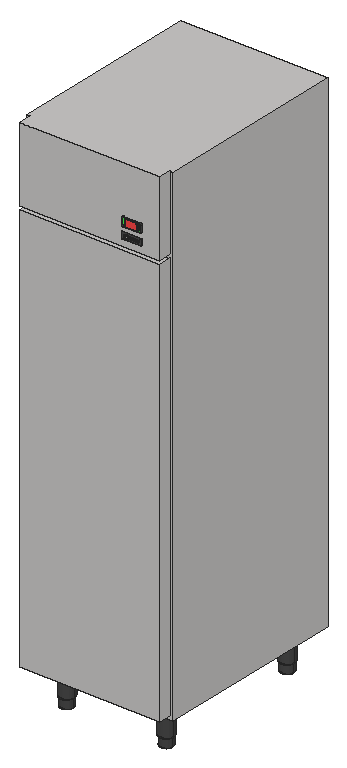
Revit family "RVT_Macom_RVVx-xIT 03 23 A", category Specialty Equipment, Revit 2020
Family settings
  Round Connector Dimension = Use Diameter
  Part Type = Normal
  OmniClass Number = 23.40.40.11.11.11
  OmniClass Title = Refrigerators
  Work Plane-Based = No
  Always vertical = Yes
  Cut with Voids When Loaded = No
  Shared = No
  Room Calculation Point = No
Parameters (values of type "RVVS-SIT")
  Work Temperature = "+1°C to +10°C"
  Weight = 125.00 kg
  Watts = 492 W
  Warranty Start Date [instance] = ""
  Warranty Duration [instance] = ""
  Volume = 0.94 m³
  Volts = 220 V
  URL = "https://www.acosmacom.com.br/produtos/refrigerador-e-freezer-versatile-maxistok/"
  Model = "RVVS-SIT"
  Manufacturer = "MACOM"
  Default Elevation = 0.00 mm
  Door Width = (Length Actual - 28.00 mm * Door QTY) / Door QTY  # 542.00 mm
  Door QTY = 1
  Door 2 = Door QTY = 2  # no
  Description = "REFRIG VERTICAL VERSATILE MAXI MACOM, 1 PORTA INOX- 570X800X2060"
  Type Comments = ""
  Technical Documentation [instance] = ""
  Tag Number [instance] = ""
  Status [instance] = ""
  Sound Level [instance] = ""
  Solid Fuel Type [instance] = ""
  Show Logo = yes
  Show Clearances = yes
  Service Life Duration [instance] = ""
  Revision [instance] = ""
  Refrigeration Working Pressure [instance] = 0.0 Pa
  Refrigeration Evaporation Temperature [instance] = 0 °C
  Refrigeration Energy Efficiency Index [instance] = ""
  Refrigeration Defrost Drain [instance] = yes
  Refrigeration Climate Class [instance] = "5"
  Refrigerant Type [instance] = "R134a"
  Refrigerant Mass [instance] = 0
  Refrigerant Flow [instance] = 0.0 m³/h
  Production Year [instance] = ""
  Point Load [instance] = 0
  Phase [instance] = 2
  Operational Current = 2.57 A
  Model Warning [instance] = ""
  Masterspec [instance] = ""
  Length Actual = 570.00 mm
  Installation Date [instance] = ""
  Ingress Protection Code [instance] = "IP 22"
  Identify Quantity as Lot [instance] = yes
  ID [instance] = ""
  Hygiene Approval [instance] = ""
  Height Actual = 2060.00 mm
  Foodservice Equipment Identifier [instance] = yes
  Elec Conn Connection Height [instance] = 1823.00 mm
  ETL Approved [instance] = yes
  Depth Actual = 800.00 mm
  Cycle [instance] = 60 Hz
  Capacity = "410 L"
  CSI MasterFormat [instance] = ""
  CE Approved [instance] = yes
  Accessory [instance] = yes
Types (3, lengths in mm): name | Weight | Watts | Volume | Model | Door QTY | Door 2 | Description | Phase | Operational Current | Length Actual | Capacity
  (no name) | 125.00 kg | 492 W | 0.94 m³ | "RVVS-SIT" | 1 | no | "REFRIG VERTICAL VERSATILE MAXI MACOM, 1 PORTA INOX- 570X800X2060" | 2 | 2.57 A | 570.00 | "410 L"
  RVVD-MIT | 220.00 kg | 556 W | 1.88 m³ | "RVVD-MIT" | 2 | yes | "REFRIG VERTICAL VERSATILE MAXI MACOM, 2 PORTAS INOX, 20 TRILHOS, 10 CAIXAS PLASTICAS - 1140X800X2060" | 0 | 2.71 A | 1140.00 | "800 L"
  RVVS-SIT | 125.00 kg | 492 W | 0.94 m³ | "RVVS-SIT" | 1 | no | "REFRIG VERTICAL VERSATILE MAXI MACOM, 1 PORTA INOX- 570X800X2060" | 2 | 2.57 A | 570.00 | "410 L"
Reference planes
  plane 1 "Centro (Frontal/Traseira)": y = 0
  plane 2: z = 0
  plane 3 "Centro (Esquerda/Direita)": x = 0
  plane 4: z = 1770
  plane 5: z = 150
  plane 6: y = -126.5
  plane 7: y = -713.5
  plane 8: y = -45
  plane 9: y = -795
  plane 10: x = 91.5
  plane 11: x = 570
  plane 12: z = 2060
  plane 13: y = -845
  plane 14: y = -845
  plane 15: z = 48.128
  plane 16: y = -845
Forms (mm)
  Extrusion 1, solid, material "QF_Metal_Stainless_Steel"
    sketch origin (0, 5, 0) x (0, 1, 0) y (0, 0, 1)
      loop
        line (-50, 150) -> (-50, 1770) -> (-800, 1770) -> (-800, 150) -> (-50, 150)
    from 0 to 570
  Extrusion 2, solid, material "QF_Metal_Stainless_Steel"
    sketch origin (0, -45, 1770) x (0, -1, 0) y (1, 0, 0)
      loop
        line (0, 0) -> (750, 0) -> (750, 14) -> (800, 14) -> (800, 556) -> (750, 556) -> (750, 570) -> (0, 570) -> (0, 0)
    from 0 to 290
  Extrusion 3, solid, material "QF_Metal_Stainless_Steel"
    sketch origin (-7.8, -50, 1767.485) x (1, 0, 0) y (0, 0, -1)
      loop
        line (512.1, -98.515) -> (512.1, 230.885) -> (59.5, 230.885) -> (59.5, -98.515) -> (512.1, -98.515)
    from 5 to 50
  Extrusion 4, solid, material "QF_Metal_Stainless_Steel"
    sketch origin (0, -45, 1770) x (1, 0, 0) y (0, 0, -1)
      loop
        circle (503, -53) r 9.525
    from 0 to 6.4
  Extrusion 5, solid, material "QF_Finishes_Clearance_Wall", detail levels coarse
    sketch origin (0, -45, 2060) x (0, -1, 0) y (1, 0, 0)
      loop
        line (-45, 0) -> (-45, 570) -> (-95, 570) -> (-95, 0) -> (-45, 0)
    from 0 to -2060
Cuts and joins
  joined: Extrusion 1, Extrusion 2
Lines and regions (mm)
  model lines
    curve 1: line (21, -85, 2060) -> (21, -770, 2060)
    curve 2: line (549, -85, 2060) -> (21, -85, 2060)
    curve 3: line (549, -770, 2060) -> (549, -85, 2060)
    curve 4: line (21, -770, 2060) -> (549, -770, 2060)
    curve 5: line (54, -845, 2028.2) -> (134, -845, 2028.2)
    curve 6: line (54, -845, 2023.2) -> (54, -845, 2028.2)
    curve 7: line (134, -845, 2023.2) -> (54, -845, 2023.2)
    curve 8: line (134, -845, 2028.2) -> (134, -845, 2023.2)
    curve 9: line (54, -845, 2018.2) -> (134, -845, 2018.2)
    curve 10: line (54, -845, 2013.2) -> (54, -845, 2018.2)
    curve 11: line (134, -845, 2013.2) -> (54, -845, 2013.2)
    curve 12: line (134, -845, 2018.2) -> (134, -845, 2013.2)
    curve 13: line (54, -845, 2008.2) -> (134, -845, 2008.2)
    curve 14: line (54, -845, 2003.2) -> (54, -845, 2008.2)
    curve 15: line (134, -845, 2003.2) -> (54, -845, 2003.2)
    curve 16: line (134, -845, 2008.2) -> (134, -845, 2003.2)
    curve 17: line (54, -845, 1998.2) -> (134, -845, 1998.2)
    curve 18: line (54, -845, 1993.2) -> (54, -845, 1998.2)
    curve 19: line (134, -845, 1993.2) -> (54, -845, 1993.2)
    curve 20: line (134, -845, 1998.2) -> (134, -845, 1993.2)
    curve 21: line (54, -845, 1988.2) -> (134, -845, 1988.2)
    curve 22: line (54, -845, 1983.2) -> (54, -845, 1988.2)
    curve 23: line (134, -845, 1983.2) -> (54, -845, 1983.2)
    curve 24: line (134, -845, 1988.2) -> (134, -845, 1983.2)
    curve 25: line (54, -845, 1978.2) -> (134, -845, 1978.2)
    curve 26: line (54, -845, 1973.2) -> (54, -845, 1978.2)
    curve 27: line (134, -845, 1973.2) -> (54, -845, 1973.2)
    curve 28: line (134, -845, 1978.2) -> (134, -845, 1973.2)
    curve 29: line (54, -845, 1968.2) -> (134, -845, 1968.2)
    curve 30: line (54, -845, 1963.2) -> (54, -845, 1968.2)
    curve 31: line (134, -845, 1963.2) -> (54, -845, 1963.2)
    curve 32: line (134, -845, 1968.2) -> (134, -845, 1963.2)
    curve 33: line (54, -845, 1958.2) -> (134, -845, 1958.2)
    curve 34: line (54, -845, 1953.2) -> (54, -845, 1958.2)
    curve 35: line (134, -845, 1953.2) -> (54, -845, 1953.2)
    curve 36: line (134, -845, 1958.2) -> (134, -845, 1953.2)
    curve 37: line (54, -845, 1948.2) -> (134, -845, 1948.2)
    curve 38: line (54, -845, 1943.2) -> (54, -845, 1948.2)
    curve 39: line (134, -845, 1943.2) -> (54, -845, 1943.2)
    curve 40: line (134, -845, 1948.2) -> (134, -845, 1943.2)
    curve 41: line (54, -845, 1938.2) -> (134, -845, 1938.2)
    curve 42: line (54, -845, 1933.2) -> (54, -845, 1938.2)
    curve 43: line (134, -845, 1933.2) -> (54, -845, 1933.2)
    curve 44: line (134, -845, 1938.2) -> (134, -845, 1933.2)
    curve 45: line (54, -845, 1928.2) -> (134, -845, 1928.2)
    curve 46: line (54, -845, 1923.2) -> (54, -845, 1928.2)
    curve 47: line (134, -845, 1923.2) -> (54, -845, 1923.2)
    curve 48: line (134, -845, 1928.2) -> (134, -845, 1923.2)
    curve 49: line (54, -845, 1918.2) -> (134, -845, 1918.2)
    curve 50: line (54, -845, 1913.2) -> (54, -845, 1918.2)
    curve 51: line (134, -845, 1913.2) -> (54, -845, 1913.2)
    curve 52: line (134, -845, 1918.2) -> (134, -845, 1913.2)
    curve 53: line (54, -845, 1908.2) -> (134, -845, 1908.2)
    curve 54: line (54, -845, 1903.2) -> (54, -845, 1908.2)
    curve 55: line (134, -845, 1903.2) -> (54, -845, 1903.2)
    curve 56: line (134, -845, 1908.2) -> (134, -845, 1903.2)
    curve 57: line (54, -845, 1898.2) -> (134, -845, 1898.2)
    curve 58: line (54, -845, 1893.2) -> (54, -845, 1898.2)
    curve 59: line (134, -845, 1893.2) -> (54, -845, 1893.2)
    curve 60: line (134, -845, 1898.2) -> (134, -845, 1893.2)
    curve 61: line (54, -845, 1888.2) -> (134, -845, 1888.2)
    curve 62: line (54, -845, 1883.2) -> (54, -845, 1888.2)
    curve 63: line (134, -845, 1883.2) -> (54, -845, 1883.2)
    curve 64: line (134, -845, 1888.2) -> (134, -845, 1883.2)
    curve 65: line (54, -845, 1878.2) -> (134, -845, 1878.2)
    curve 66: line (54, -845, 1873.2) -> (54, -845, 1878.2)
    curve 67: line (134, -845, 1873.2) -> (54, -845, 1873.2)
    curve 68: line (134, -845, 1878.2) -> (134, -845, 1873.2)
    curve 69: line (54, -845, 1868.2) -> (134, -845, 1868.2)
    curve 70: line (54, -845, 1863.2) -> (54, -845, 1868.2)
    curve 71: line (134, -845, 1863.2) -> (54, -845, 1863.2)
    curve 72: line (134, -845, 1868.2) -> (134, -845, 1863.2)
    curve 73: line (54, -845, 1858.2) -> (134, -845, 1858.2)
    curve 74: line (54, -845, 1853.2) -> (54, -845, 1858.2)
    curve 75: line (134, -845, 1853.2) -> (54, -845, 1853.2)
    curve 76: line (134, -845, 1858.2) -> (134, -845, 1853.2)
    curve 77: line (54, -845, 1848.2) -> (134, -845, 1848.2)
    curve 78: line (54, -845, 1843.2) -> (54, -845, 1848.2)
    curve 79: line (134, -845, 1843.2) -> (54, -845, 1843.2)
    curve 80: line (134, -845, 1848.2) -> (134, -845, 1843.2)
    curve 81: line (54, -845, 1838.2) -> (134, -845, 1838.2)
    curve 82: line (54, -845, 1833.2) -> (54, -845, 1838.2)
    curve 83: line (134, -845, 1833.2) -> (54, -845, 1833.2)
    curve 84: line (134, -845, 1838.2) -> (134, -845, 1833.2)
    curve 85: line (54, -845, 1828.2) -> (134, -845, 1828.2)
    curve 86: line (54, -845, 1823.2) -> (54, -845, 1828.2)
    curve 87: line (134, -845, 1823.2) -> (54, -845, 1823.2)
    curve 88: line (134, -845, 1828.2) -> (134, -845, 1823.2)
    curve 89: line (54, -845, 1818.2) -> (134, -845, 1818.2)
    curve 90: line (54, -845, 1813.2) -> (54, -845, 1818.2)
    curve 91: line (134, -845, 1813.2) -> (54, -845, 1813.2)
    curve 92: line (134, -845, 1818.2) -> (134, -845, 1813.2)
  symbolic lines
    curve 93: line (0, -45, 0) -> (570, -45, 0)
    curve 94: line (570, -45, 0) -> (570, -795, 0)
    curve 95: line (570, -795, 0) -> (556, -795, 0)
    curve 96: line (556, -795, 0) -> (556, -845, 0)
    curve 97: line (556, -845, 0) -> (14, -845, 0)
    curve 98: line (14, -845, 0) -> (14, -795, 0)
    curve 99: line (14, -795, 0) -> (0, -795, 0)
    curve 100: line (0, -795, 0) -> (0, -45, 0)
    curve 101: line (21, -85, 0) -> (549, -85, 0)
    curve 102: line (21, -770, 0) -> (21, -85, 0)
    curve 103: line (549, -770, 0) -> (21, -770, 0)
    curve 104: line (549, -85, 0) -> (549, -770, 0)
    curve 105: line (51.7, -45, 0) -> (51.7, 0, 0)
    curve 106: line (51.7, 0, 0) -> (504.3, 0, 0)
    curve 107: line (504.3, 0, 0) -> (504.3, -45, 0)
Dimensions and locks
  locked: plane 8 to plane 6 at 81.5
  locked: plane 8 to plane 7 at 668.5
  locked: plane 8 to plane 9 at 750
  locked: plane 4 to plane 5 at 1620
  locked: plane 10 to plane 3 "Centro (Esquerda/Direita)" at 91.5
  "Length Actual": plane 11 to plane 3 "Centro (Esquerda/Direita)"
  plane 4 to plane 5 = 1620.00 mm
  plane 12 to plane 5 = 1910.00 mm
  "Height Actual": plane 12 to level
  "Depth Actual": plane 8 to plane 16
  locked: Extrusion 3 sketch curve to Extrusion 3 sketch curve at 329.4
  "Elec Conn Connection Height": level to Extrusion 4 sketch curve
  locked: plane 11 to Extrusion 4 sketch curve at 67
  locked: cut or joined group of Extrusion 1, Extrusion 2 to nested 5 at 81
  locked: cut or joined group of Extrusion 1, Extrusion 2 to nested 6 at 81
  locked: nested 8 to cut or joined group of Extrusion 1, Extrusion 2 at 14
  locked: nested 7 to cut or joined group of Extrusion 1, Extrusion 2 at 14  (x2)
  locked: cut or joined group of Extrusion 1, Extrusion 2 to Extrusion 3 sketch curve at 51.7  (x2)
  cut or joined group of Extrusion 1, Extrusion 2 to Extrusion 3 sketch curve = 194.00 mm
  locked: cut or joined group of Extrusion 1, Extrusion 2 to nested 3 at 91.5
  locked: cut or joined group of Extrusion 1, Extrusion 2 to nested 8 at 14
  locked: curve 3 to cut or joined group of Extrusion 1, Extrusion 2 at 21
  locked: cut or joined group of Extrusion 1, Extrusion 2 to curve 1 at 21
  aligned and locked: level to plane 2
  aligned and locked: plane 4 to Extrusion 1
  aligned and locked: plane 5 to Extrusion 1
  aligned and locked: plane 5 to nested 2
  aligned and locked: plane 5 to nested 3
  aligned and locked: plane 5 to nested 1
  aligned and locked: plane 7 to nested 4
  aligned and locked: plane 7 to nested 1
  aligned and locked: plane 6 to nested 3
  aligned and locked: plane 6 to nested 2
  aligned and locked: plane 8 to Extrusion 1
  aligned and locked: plane 9 to Extrusion 1
  aligned and locked: plane 10 to nested 1
  aligned and locked: plane 10 to nested 2
  aligned and locked: plane 11 to Extrusion 1
  aligned and locked: plane 12 to cut or joined group of Extrusion 1, Extrusion 2
  aligned and locked: nested 5 to plane 13
  aligned and locked: plane 14 to nested 6
  aligned and locked: plane 16 to cut or joined group of Extrusion 1, Extrusion 2
  aligned and locked: plane 16 to plane 14
  aligned and locked: plane 14 to plane 13
  aligned and locked: cut or joined group of Extrusion 1, Extrusion 2 to nested 8
  aligned and locked: cut or joined group of Extrusion 1, Extrusion 2 to nested 7
  aligned and locked: Extrusion 3 to plane 1 "Centro (Frontal/Traseira)"
  aligned and locked: plane 1 "Centro (Frontal/Traseira)" to Extrusion 5 sketch curve
  aligned and locked: Extrusion 5 sketch curve to plane 3 "Centro (Esquerda/Direita)"
  aligned and locked: plane 11 to Extrusion 5 sketch curve
  aligned and locked: nested 4 to nested 3
  aligned and locked: curve 101 to curve 2
  aligned and locked: curve 102 to curve 1
  aligned and locked: curve 103 to curve 4
  aligned and locked: curve 104 to curve 3
  aligned and locked: plane 3 "Centro (Esquerda/Direita)" to curve 100
  aligned and locked: curve 94 to cut or joined group of Extrusion 1, Extrusion 2
  aligned and locked: curve 96 to cut or joined group of Extrusion 1, Extrusion 2
  aligned and locked: curve 98 to cut or joined group of Extrusion 1, Extrusion 2
  aligned and locked: curve 105 to Extrusion 3
  aligned and locked: curve 107 to Extrusion 3
Automatic sketch dimensions
  Extrusion 1 sketch curve to plane 5 = 0.00 mm
  Extrusion 1 sketch curve to plane 9 = 0.00 mm
  Extrusion 1 sketch curve to plane 4 = 0.00 mm
  Extrusion 1 sketch curve to plane 8 = 0.00 mm
  Extrusion 2 sketch curve to Extrusion 1 = 0.00 mm  (x4)
  Extrusion 1 to Extrusion 2 sketch curve = 0.00 mm
  Extrusion 1 to Extrusion 2 sketch curve = 14.00 mm  (x2)
  Extrusion 2 sketch curve to Extrusion 2 sketch curve = 50.00 mm
  Extrusion 2 to curve 92 = 43.20 mm
  Extrusion 2 to curve 92 = 120.00 mm
  Extrusion 2 to curve 5 = 31.80 mm
  Extrusion 2 to curve 5 = 120.00 mm
  curve 88 to curve 89 = 0.00 mm
  curve 7 to curve 9 = 0.00 mm  (x2)
  curve 84 to curve 85 = 0.00 mm
  curve 11 to curve 13 = 0.00 mm  (x2)
  curve 80 to curve 81 = 0.00 mm
  curve 15 to curve 17 = 0.00 mm  (x2)
  curve 76 to curve 77 = 0.00 mm
  curve 19 to curve 21 = 0.00 mm  (x2)
  curve 72 to curve 73 = 0.00 mm
  curve 23 to curve 25 = 0.00 mm  (x2)
  curve 68 to curve 69 = 0.00 mm
  curve 27 to curve 29 = 0.00 mm  (x2)
  curve 64 to curve 65 = 0.00 mm
  curve 31 to curve 33 = 0.00 mm  (x2)
  curve 60 to curve 61 = 0.00 mm
  curve 35 to curve 37 = 0.00 mm  (x2)
  curve 56 to curve 57 = 0.00 mm
  curve 39 to curve 41 = 0.00 mm  (x2)
  curve 52 to curve 53 = 0.00 mm
  curve 43 to curve 45 = 0.00 mm  (x2)
  Extrusion 2 to curve 49 = 40.00 mm
  curve 46 to curve 49 = 0.00 mm
  curve 50 to curve 53 = 0.00 mm
  curve 54 to curve 57 = 0.00 mm
  curve 58 to curve 61 = 0.00 mm
  curve 62 to curve 65 = 0.00 mm
  curve 66 to curve 69 = 0.00 mm
  curve 70 to curve 73 = 0.00 mm
  curve 74 to curve 77 = 0.00 mm
  curve 78 to curve 81 = 0.00 mm
  curve 82 to curve 85 = 0.00 mm
  curve 86 to curve 89 = 0.00 mm
  curve 5 to curve 7 = 5.00 mm
  curve 6 to curve 9 = 5.00 mm
  curve 9 to curve 11 = 5.00 mm
  curve 10 to curve 13 = 5.00 mm
  curve 13 to curve 15 = 5.00 mm
  curve 15 to curve 17 = 5.00 mm
  curve 17 to curve 19 = 5.00 mm
  curve 18 to curve 21 = 5.00 mm
  curve 21 to curve 23 = 5.00 mm
  curve 22 to curve 25 = 5.00 mm
  curve 25 to curve 27 = 5.00 mm
  curve 27 to curve 29 = 5.00 mm
  curve 29 to curve 31 = 5.00 mm
  curve 30 to curve 33 = 5.00 mm
  curve 33 to curve 35 = 5.00 mm
  curve 34 to curve 37 = 5.00 mm
  curve 37 to curve 39 = 5.00 mm
  curve 39 to curve 41 = 5.00 mm
  curve 41 to curve 43 = 5.00 mm
  curve 42 to curve 45 = 5.00 mm
  curve 45 to curve 47 = 5.00 mm
  curve 46 to curve 49 = 5.00 mm
  curve 49 to curve 51 = 5.00 mm
  curve 50 to curve 53 = 5.00 mm
  curve 53 to curve 55 = 5.00 mm
  curve 54 to curve 57 = 5.00 mm
  curve 57 to curve 59 = 5.00 mm
  curve 58 to curve 61 = 5.00 mm
  curve 61 to curve 63 = 5.00 mm
  curve 62 to curve 65 = 5.00 mm
  curve 65 to curve 67 = 5.00 mm
  curve 66 to curve 69 = 5.00 mm
  curve 69 to curve 71 = 5.00 mm
  curve 70 to curve 73 = 5.00 mm
  curve 73 to curve 75 = 5.00 mm
  curve 74 to curve 77 = 5.00 mm
  curve 77 to curve 79 = 5.00 mm
  curve 78 to curve 81 = 5.00 mm
  curve 81 to curve 83 = 5.00 mm
  curve 83 to curve 85 = 5.00 mm
  curve 85 to curve 87 = 5.00 mm
  curve 86 to curve 89 = 5.00 mm
  curve 3 to Extrusion 2 = 40.00 mm
  curve 3 to Extrusion 2 = 25.00 mm
  Extrusion 2 to Extrusion 5 sketch curve = 95.00 mm
  plane 1 "Centro (Frontal/Traseira)" to curve 107 = 0.00 mm
  plane 8 to curve 107 = 0.00 mm
  plane 13 to curve 96 = 0.00 mm
  plane 9 to curve 94 = 0.00 mm
  plane 9 to curve 99 = 0.00 mm
  radius of Extrusion 4 sketch curve = 9.525 mm
Nested families
  nested 1: "PÉ DE APOIO 150" at (91.5, -713.5, 0), type "PÉ DE APOIO 150"
  nested 2: "PÉ DE APOIO 150" at (91.5, -126.5, 0), type "PÉ DE APOIO 150"
  nested 3: "PÉ DE APOIO 150" at (478.5, -126.5, 0), type "PÉ DE APOIO 150"
  nested 4: "PÉ DE APOIO 150" at (478.5, -713.5, 0), type "PÉ DE APOIO 150"
  nested 5: "CONTROLADOR_CAB" at (451.5, -845, 1859.435), type "CONTROLADOR_CAB"
  nested 6: "LOGOTIPO MACON" at (449, -845, 1797.117), type "LOGOTIPO MACON"
  nested 7: "PORTA RV_FV" at (14, -795, 164), Length Actual <- "Door Width", Show Clearances <- "Show Clearances", type "PORTA RV_FV"
    with Weight 0.00 kg, Show Logo yes, Show Clearances yes, SMACNA No "", Revision Code "", R_Swing no, Point Load 0, NAFEM Spec ID Number "", Mid_Door 0.00 mm, Masterspec "", Length Actual 542.00 mm, L_Swing yes, Item Number "", Identify Quantity as Lot yes, Hinge_R no, Hinge_L yes, Hinge_Half 25.00 mm, Height Actual 0.00 mm, Half_Stainless_Door no, Half_Rght_Open no, Half_Left_Open no, Half_Half_Right_Open no, Half_Half_Left_Open no, Half_Glass_Half_Stainless no, Half_Glass_Door no, Full_Stainless_Door yes, Full_Right_Open no, Full_Left_Open no, Full_Glass_Door no, Foodservice Equipment Identifier yes, Door_Thk 50.00 mm, Depth Actual 0.00 mm, CutHalf 0.00 mm, CSI MasterFormat "", CE Approved yes, Accessory yes
  nested 8: "PORTA RV_FV" at (14, -795, 164), Length Actual <- "Door Width", Show Clearances <- "Show Clearances", visible <- "Door 2", type "PORTA RV_FV"
    with Weight 0.00 kg, Show Logo yes, Show Clearances yes, SMACNA No "", Revision Code "", R_Swing yes, Point Load 0, NAFEM Spec ID Number "", Mid_Door 0.00 mm, Masterspec "", Length Actual 542.00 mm, L_Swing no, Item Number "", Identify Quantity as Lot yes, Hinge_R yes, Hinge_L no, Hinge_Half 25.00 mm, Height Actual 0.00 mm, Half_Stainless_Door no, Half_Rght_Open no, Half_Left_Open no, Half_Half_Right_Open no, Half_Half_Left_Open no, Half_Glass_Half_Stainless no, Half_Glass_Door no, Full_Stainless_Door yes, Full_Right_Open no, Full_Left_Open no, Full_Glass_Door no, Foodservice Equipment Identifier yes, Door_Thk 50.00 mm, Depth Actual 0.00 mm, CutHalf 0.00 mm, CSI MasterFormat "", CE Approved yes, Accessory yes
Connectors
  electrical at (503, -38.6, 1823), driven by "Volts"
    settings: on Extrusion 4, index 1, voltage 220 V, apparent load 0 VA, apparent load phase1 0 VA, apparent load phase2 0 VA, apparent load phase3 0 VA, power factor 1, load classification "Outro", number of poles 1, system type 30, power factor state 1, is connector primary yes, connector utility no, sub classification motor no, connector description ""
Definition of nested family "PÉ DE APOIO 150"
  Parameters (values of type "pÉ DE APOIO 150")
    Default Elevation = 0.00 mm
  Reference planes
    plane 1 "Centro (Frente/Trás)": y = 0
    plane 2: z = 0
    plane 3 "Centro (Esquerda/Direita)": x = 0
  Forms (mm)
    Revolve 1, solid
      sketch origin (0, 0, 0) x (1, 0, 0) y (0, 0, 1)
        loop
          line (0, 0) -> (23.041, 0)
          arc (23.041, 0) -> (24.426, 0.574) -> (25, 1.959) r 1.959
          line (25, 1.959) -> (25, 35) -> (26.049, 35)
          arc (26.049, 35) -> (28.136, 35.864) -> (29, 37.951) r 2.951
          line (29, 37.951) -> (29, 132) -> (34, 137) -> (0, 137) -> (0, 0)
        axis (0, 137) -> (0, 0)
      angle from 0 to 360
    Extrusion 2, solid
      sketch origin (0, 0, 0.5) x (1, 0, 0) y (0, 0, 1)
        loop
          line (47, 136.5) -> (47, 149.5) -> (-47, 149.5) -> (-47, 136.5) -> (47, 136.5)
      from -57 to 57
  Dimensions and locks
    Extrusion 2 to level = 150.00 mm  (x2)
    aligned and locked: level to plane 2
    aligned and locked: Extrusion 2 to Revolve 1
Definition of nested family "CONTROLADOR_CAB"
  Parameters (values of type "CONTROLADOR_CAB")
    Default Elevation = 0.00 mm
  Reference planes
    plane 1 "Center (Front/Back)": y = 0
    plane 2: z = 0
    plane 3 "Center (Left/Right)": x = 0
  Forms (mm)
    Extrusion 1, solid
      sketch origin (0, 0, 0) x (1, 0, 0) y (0, 0, 1)
        loop
          line (37.5, -12.5) -> (37.5, 12.5)
          arc (37.5, 12.5) -> (36.328, 15.328) -> (33.5, 16.5) r 4
          line (33.5, 16.5) -> (-33.5, 16.5)
          arc (-33.5, 16.5) -> (-36.328, 15.328) -> (-37.5, 12.5) r 4
          line (-37.5, 12.5) -> (-37.5, -12.5)
          arc (-37.5, -12.5) -> (-36.328, -15.328) -> (-33.5, -16.5) r 4
          line (-33.5, -16.5) -> (33.5, -16.5)
          arc (33.5, -16.5) -> (36.328, -15.328) -> (37.5, -12.5) r 4
      from 0 to 5
    Extrusion 2, solid
      sketch origin (0, 0, 0) x (1, 0, 0) y (0, 0, 1)
        loop
          line (24, -13.5) -> (24, 13.5)
          arc (24, 13.5) -> (23.121, 15.621) -> (21, 16.5) r 3
          line (21, 16.5) -> (-21, 16.5)
          arc (-21, 16.5) -> (-23.121, 15.621) -> (-24, 13.5) r 3
          line (-24, 13.5) -> (-24, -13.5)
          arc (-24, -13.5) -> (-23.121, -15.621) -> (-21, -16.5) r 3
          line (-21, -16.5) -> (21, -16.5)
          arc (21, -16.5) -> (23.121, -15.621) -> (24, -13.5) r 3
      from 5 to 5.937
    Extrusion 3, solid
      sketch origin (0, 0, 0) x (1, 0, 0) y (0, 0, 1)
        loop
          line (-23, 13) -> (-23, -13) -> (23, -13) -> (23, 13) -> (-23, 13)
      from 5.937 to 6.875
    Extrusion 4, solid
      sketch origin (0, 0, 0) x (1, 0, 0) y (0, 0, 1)
        loop
          line (24, -13) -> (31, -13)
          arc (31, -13) -> (34.646, 0) -> (31, 13) r 25
          line (31, 13) -> (24, 13) -> (24, -13)
        loop
          line (-24, -13) -> (-24, 13) -> (-31, 13)
          arc (-31, 13) -> (-34.646, 0) -> (-31, -13) r 25
          line (-31, -13) -> (-24, -13)
      from 5 to 5.937
  Cuts and joins
    joined: Extrusion 1, Extrusion 2
  Dimensions and locks
    aligned and locked: level to plane 2
Definition of nested family "LOGOTIPO MACON"
  Parameters (values of type "LOGOTIPO MACON")
    Default Elevation = 0.00 mm
  Reference planes
    plane 1 "Centro (Frente/Trás)": y = 0
    plane 2: z = 0
    plane 3 "Centro (Esquerda/Direita)": x = 0
  Forms (mm)
    Extrusion 1, solid
      sketch origin (0, 4.488, 0.011) x (1, 0, 0) y (0, 0.000061, 1)
        loop
          arc (-37.5, 25.9) -> (-39.268, 25.168) -> (-40, 23.4) r 2.5
          line (-40, 23.4) -> (-40, 2.5)
          arc (-40, 2.5) -> (-39.268, 0.732) -> (-37.5, 0) r 2.5
          line (-37.5, 0) -> (37.5, 0)
          arc (37.5, 0) -> (39.268, 0.732) -> (40, 2.5) r 2.5
          line (40, 2.5) -> (40, 23.4)
          arc (40, 23.4) -> (39.268, 25.168) -> (37.5, 25.9) r 2.5
          line (37.5, 25.9) -> (-37.5, 25.9)
      from 5.474 to 4.489
    Extrusion 2, solid
      sketch origin (0, 4.488, 0.011) x (1, 0, 0) y (0, 0.000061, 1)
        loop
          arc (-39, 3.5) -> (-38.268, 1.732) -> (-36.5, 1) r 2.5
          line (-36.5, 1) -> (36.5, 1)
          arc (36.5, 1) -> (38.268, 1.732) -> (39, 3.5) r 2.5
          line (39, 3.5) -> (39, 22.668)
          arc (39, 22.668) -> (38.268, 24.436) -> (36.5, 25.168) r 2.5
          line (36.5, 25.168) -> (-36.5, 25.168)
          arc (-36.5, 25.168) -> (-38.268, 24.436) -> (-39, 22.668) r 2.5
          line (-39, 22.668) -> (-39, 3.5)
      from 5.474 to 6.289
    Extrusion 3, solid
      sketch origin (24.652, 4.488, 0.011) x (-1, 0, 0) y (0, -0.000061, -1)
        loop
          line (11.282, -9.291) -> (11.282, -10.615)
          arc (11.282, -10.615) -> (15.871, -12.733) -> (11.146, -14.527) r 2.741
          line (11.146, -14.527) -> (11.146, -15.974)
          arc (11.146, -15.974) -> (17.58, -12.762) -> (11.282, -9.291) r 4.061
        loop
          circle (6.809, -12.319) r 3.69
        loop
          circle (6.809, -12.319) r 2.22
        loop
          line (32.238, -16.286) -> (32.238, -9.175) -> (30.639, -9.175) -> (30.639, -14.32)
          arc (30.639, -14.32) -> (30.147, -14.812) -> (29.656, -14.32) r 0.492
          line (29.656, -14.32) -> (29.656, -9.175) -> (28.069, -9.175) -> (28.069, -14.32)
          arc (28.069, -14.32) -> (27.53, -14.859) -> (26.99, -14.32) r 0.539
          line (26.99, -14.32) -> (26.99, -9.175) -> (25.446, -9.175) -> (25.446, -14.741)
          arc (25.446, -14.741) -> (25.898, -15.834) -> (26.99, -16.286) r 1.545
          line (26.99, -16.286) -> (32.238, -16.286)
        loop
          line (23.94, -9.173) -> (22.031, -9.173) -> (22.031, -11.199) -> (20.21, -11.199) -> (20.21, -9.173) -> (18.544, -9.173) -> (18.544, -14.832)
          arc (18.544, -14.832) -> (18.942, -15.792) -> (19.902, -16.189) r 1.358
          line (19.902, -16.189) -> (23.94, -16.189) -> (23.94, -9.173)
        loop
          line (20.21, -12.773) -> (20.21, -14.531) -> (22.031, -14.531) -> (22.031, -12.773) -> (20.21, -12.773)
        loop
          line (1.892, -16.286) -> (1.892, -9.175) -> (0.292, -9.175) -> (0.292, -14.32)
          arc (0.292, -14.32) -> (-0.199, -14.812) -> (-0.691, -14.32) r 0.492
          line (-0.691, -14.32) -> (-0.691, -9.175) -> (-2.278, -9.175) -> (-2.278, -14.32)
          arc (-2.278, -14.32) -> (-2.817, -14.859) -> (-3.356, -14.32) r 0.539
          line (-3.356, -14.32) -> (-3.356, -9.175) -> (-4.901, -9.175) -> (-4.901, -14.741)
          arc (-4.901, -14.741) -> (-4.449, -15.834) -> (-3.356, -16.286) r 1.545
          line (-3.356, -16.286) -> (1.892, -16.286)
        loop
          line (51.28, -9.173) -> (49.828, -17.406)
          arc (49.828, -17.406) -> (53.465, -13.803) -> (51.28, -9.173) r 4.434
        loop
          arc (48.733, -7.616) -> (47.997, -7.316) -> (47.203, -7.346) r 1.888
          line (47.203, -7.346) -> (45.757, -15.549)
          arc (45.757, -15.549) -> (46.402, -15.886) -> (47.047, -15.549) r 0.786
          line (47.047, -15.549) -> (48.733, -7.616)
        loop
          arc (44.32, -6.837) -> (43.579, -6.926) -> (42.893, -7.22) r 2.628
          line (42.893, -7.22) -> (41.1, -15.655)
          arc (41.1, -15.655) -> (41.933, -16) -> (42.765, -15.655) r 1.178
          line (42.765, -15.655) -> (44.32, -6.837)
        loop
          arc (39.538, -8.212) -> (36.053, -11.76) -> (38.114, -16.286) r 4.392
          line (38.114, -16.286) -> (39.538, -8.212)
        loop
          spline (55.059, -12.773) -> (54.705, -11.079) -> (53.667, -9.501) -> (52.017, -8.146) -> (49.866, -7.106) -> (47.361, -6.452) -> (44.673, -6.229) -> (41.985, -6.452) -> (39.48, -7.106) -> (37.329, -8.146) -> (35.678, -9.501) -> (34.641, -11.079) -> (34.287, -12.773)
          spline (34.287, -12.773) -> (34.641, -14.466) -> (35.678, -16.045) -> (37.329, -17.4) -> (39.48, -18.44) -> (41.985, -19.094) -> (44.673, -19.317) -> (47.361, -19.094) -> (49.866, -18.44) -> (52.017, -17.4) -> (53.667, -16.045) -> (54.705, -14.466) -> (55.059, -12.773)
      from 6.289 to 6.977
  Dimensions and locks
    aligned and locked: level to plane 2
Definition of nested family "PORTA RV_FV"
  Parameters (values of type "PORTA RV_FV")
    Weight [instance] = 0.00 kg
    R_Swing [instance] = and(Hinge_R, Show Clearances)  # no
    Mid_Door [instance] = (Height Actual / 2)  # 0.00 mm
    L_Swing [instance] = and(Hinge_L, Show Clearances)  # yes
    Hinge_R [instance] = not(Hinge_L)  # no
    Hinge_L [instance] = yes
    Hinge_Half [instance] = Door_Thk / 2  # 25.00 mm
    Half_Stainless_Door [instance] = no
    Half_Rght_Open [instance] = and(Hinge_R, Half_Glass_Door)  # no
    Half_Left_Open [instance] = and(Hinge_L, Half_Glass_Door)  # no
    Half_Half_Right_Open [instance] = and(Hinge_R, Half_Glass_Half_Stainless)  # no
    Half_Half_Left_Open [instance] = and(Hinge_L, Half_Glass_Half_Stainless)  # no
    Half_Glass_Half_Stainless [instance] = no
    Half_Glass_Door [instance] = no
    Full_Stainless_Door [instance] = no
    Full_Right_Open [instance] = and(Hinge_R, Full_Glass_Door)  # no
    Full_Left_Open [instance] = and(Hinge_L, Full_Glass_Door)  # yes
    Full_Glass_Door [instance] = yes
    Default Elevation = 0.00 mm
    Door_Thk [instance] = 50.00 mm
    CutHalf [instance] = 0.00 mm
    Type Comments = ""
    Show Logo [instance] = yes
    Show Clearances [instance] = yes
    SMACNA No [instance] = ""
    Revision Code [instance] = ""
    Point Load [instance] = 0
    NAFEM Spec ID Number [instance] = ""
    Masterspec [instance] = ""
    Length Actual [instance] = 1000.00 mm
    Item Number [instance] = ""
    Identify Quantity as Lot [instance] = yes
    Height Actual [instance] = 0.00 mm
    Foodservice Equipment Identifier [instance] = yes
    Depth Actual [instance] = 0.00 mm
    CSI MasterFormat [instance] = ""
    CE Approved [instance] = yes
    Accessory [instance] = yes
  Reference planes
    plane 1 "Centro (Frontal/Traseira)": y = 0
    plane 2: z = 0
    plane 3 "Centro (Esquerda/Direita)": x = 0
    plane 4: x = 1000
  Forms (mm)
    Extrusion 1, solid, visible <- "Full_Glass_Door"
      sketch origin (0, 0, 0) x (1, 0, 0) y (0, 0, 1)
        loop
          line (0, 0) -> (1000, 0) -> (1000, 1592) -> (0, 1592) -> (0, 0)
        loop
          line (50, 1542) -> (50, 50) -> (950, 50) -> (950, 1542) -> (50, 1542)
      from 0 to 50 <- "Door_Thk"
    Extrusion 2, solid, visible <- "Full_Glass_Door"
      sketch origin (0, 0, 0) x (1, 0, 0) y (0, 0, 1)
        loop
          line (50, 1542) -> (50, 50) -> (950, 50) -> (950, 1542) -> (50, 1542)
      from 0 to 25 <- "Hinge_Half"
    Extrusion 3, solid, visible <- "Half_Glass_Half_Stainless"
      sketch origin (0, 0, 0) x (1, 0, 0) y (0, 0, 1)
        loop
          line (0, 1592) -> (0, 803.5) -> (1000, 803.5) -> (1000, 1592) -> (0, 1592)
        loop
          line (50, 1542) -> (50, 853.5) -> (950, 853.5) -> (950, 1542) -> (50, 1542)
      from 0 to 50 <- "Door_Thk"
    Extrusion 4, solid, visible <- "Half_Glass_Half_Stainless"
      sketch origin (0, 0, 0) x (1, 0, 0) y (0, 0, 1)
        loop
          line (50, 1542) -> (50, 853.5) -> (950, 853.5) -> (950, 1542) -> (50, 1542)
      from 0 to 25 <- "Hinge_Half"
    Extrusion 5, solid, visible <- "Half_Glass_Half_Stainless"
      sketch origin (0, 0, 0) x (1, 0, 0) y (0, 0, 1)
        loop
          line (0, 0) -> (1000, 0) -> (1000, 788.5) -> (0, 788.5) -> (0, 0)
      from 0 to 50 <- "Door_Thk"
    Extrusion 6, solid, visible <- "L_Swing", detail levels coarse
      sketch origin (0, 0, 1592) x (1, 0, 0) y (0, 1, 0)
        loop
          line (1000, -50) -> (0, -50) -> (0, -1050)
          arc (0, -1050) -> (707.107, -757.107) -> (1000, -50) r 1000
      from 0 to -1592
    Extrusion 7, solid, visible <- "R_Swing", detail levels coarse
      sketch origin (0, 0, 0) x (1, 0, 0) y (0, 1, 0)
        loop
          arc (0, -50) -> (292.893, -757.107) -> (1000, -1050) r 1000
          line (1000, -1050) -> (1000, -50) -> (0, -50)
      from 0 to 1592
    Extrusion 8, solid, visible <- "Full_Stainless_Door"
      sketch origin (0, 0, 0) x (1, 0, 0) y (0, 0, 1)
        loop
          line (0, 1592) -> (0, 0) -> (1000, 0) -> (1000, 1592) -> (0, 1592)
      from 0 to 50 <- "Door_Thk"
    Extrusion 9, solid, visible <- "Half_Stainless_Door"
      sketch origin (0, 0, 0) x (1, 0, 0) y (0, 0, 1)
        loop
          line (0, 1592) -> (0, 803.5) -> (1000, 803.5) -> (1000, 1592) -> (0, 1592)
        loop
          line (0, 788.5) -> (0, 0) -> (1000, 0) -> (1000, 788.5) -> (0, 788.5)
      from 0 to 50 <- "Door_Thk"
    Extrusion 10, solid, visible <- "Half_Glass_Door"
      sketch origin (0, 0, 0) x (1, 0, 0) y (0, 0, 1)
        loop
          line (0, 1592) -> (0, 803.5) -> (1000, 803.5) -> (1000, 1592) -> (0, 1592)
        loop
          line (50, 1542) -> (50, 853.5) -> (950, 853.5) -> (950, 1542) -> (50, 1542)
        loop
          line (0, 788.5) -> (0, 0) -> (1000, 0) -> (1000, 788.5) -> (0, 788.5)
        loop
          line (950, 50) -> (950, 738.5) -> (50, 738.5) -> (50, 50) -> (950, 50)
      from 0 to 50 <- "Door_Thk"
    Extrusion 11, solid, visible <- "Half_Glass_Door"
      sketch origin (0, 0, 0) x (1, 0, 0) y (0, 0, 1)
        loop
          line (50, 1542) -> (50, 853.5) -> (950, 853.5) -> (950, 1542) -> (50, 1542)
        loop
          line (950, 50) -> (950, 738.5) -> (50, 738.5) -> (50, 50) -> (950, 50)
      from 0 to 25 <- "Hinge_Half"
  Dimensions and locks
    locked: Extrusion 1 sketch curve to Extrusion 1 sketch curve at 1592
    locked: Extrusion 1 sketch curve to Extrusion 1 sketch curve at 50  (x4)
    Extrusion 3 sketch curve to Extrusion 3 sketch curve = 50.00 mm
    Extrusion 3 to Extrusion 5 sketch curve = 15.00 mm
    locked: Extrusion 7 to Extrusion 9 sketch curve at 788.5
    locked: Extrusion 9 to Extrusion 10 sketch curve at 50
    "Length Actual": plane 4 to plane 3 "Centro (Esquerda/Direita)"
    locked: plane 4 to nested 5 at 35
    locked: plane 4 to nested 8 at 35
    locked: plane 4 to nested 3 at 35
    aligned and locked: level to plane 2
    aligned and locked: Extrusion 1 sketch curve to plane 2
    aligned and locked: Extrusion 1 sketch curve to plane 3 "Centro (Esquerda/Direita)"
    aligned and locked: Extrusion 3 sketch curve to Extrusion 1  (x3)
    aligned and locked: Extrusion 5 sketch curve to Extrusion 1  (x2)
    aligned and locked: Extrusion 1 to Extrusion 5 sketch curve
    aligned and locked: Extrusion 6 to level
    aligned and locked: Extrusion 7 to Extrusion 1
    aligned and locked: Extrusion 8 sketch curve to Extrusion 1  (x3)
    aligned and locked: plane 2 to Extrusion 8 sketch curve
    aligned and locked: Extrusion 9 sketch curve to Extrusion 3  (x2)
    aligned and locked: Extrusion 9 sketch curve to Extrusion 5  (x2)
    aligned and locked: Extrusion 9 sketch curve to Extrusion 9 sketch curve
    aligned and locked: Extrusion 4 sketch curve to Extrusion 3  (x3)
    aligned and locked: Extrusion 3 to Extrusion 4 sketch curve
    aligned and locked: Extrusion 10 sketch curve to Extrusion 1  (x7)
    aligned and locked: Extrusion 10 sketch curve to Extrusion 3  (x4)
    aligned and locked: Extrusion 1 to Extrusion 10 sketch curve  (x2)
    aligned and locked: Extrusion 10 sketch curve to Extrusion 5  (x2)
    aligned and locked: Extrusion 11 sketch curve to Extrusion 1  (x2)
    aligned and locked: Extrusion 1 to Extrusion 11 sketch curve  (x2)
    aligned and locked: Extrusion 11 sketch curve to Extrusion 3  (x2)
    aligned and locked: Extrusion 11 sketch curve to Extrusion 10  (x2)
    aligned and locked: nested 2 to nested 6
    aligned and locked: nested 3 to nested 8
    aligned and locked: nested 3 to nested 4
    aligned and locked: nested 2 to nested 7
    aligned and locked: plane 4 to Extrusion 1
    aligned and locked: Extrusion 6 sketch curve to Extrusion 1
    aligned and locked: Extrusion 6 sketch curve to plane 3 "Centro (Esquerda/Direita)"
    aligned and locked: Extrusion 7 sketch curve to Extrusion 1
  Automatic sketch dimensions
    Extrusion 1 sketch curve to plane 4 = 0.00 mm
    plane 3 "Centro (Esquerda/Direita)" to Extrusion 2 sketch curve = 50.00 mm
    Extrusion 2 sketch curve to plane 4 = 50.00 mm
    level to Extrusion 2 sketch curve = 50.00 mm
    Extrusion 2 sketch curve to Extrusion 2 sketch curve = 1492.00 mm
    plane 3 "Centro (Esquerda/Direita)" to Extrusion 3 sketch curve = 50.00 mm
    Extrusion 3 sketch curve to Extrusion 3 sketch curve = 50.00 mm
    Extrusion 3 sketch curve to Extrusion 3 sketch curve = 688.50 mm
    Extrusion 9 sketch curve to plane 3 "Centro (Esquerda/Direita)" = 0.00 mm
    Extrusion 9 sketch curve to Extrusion 9 sketch curve = 15.00 mm
    Extrusion 6 sketch curve to Extrusion 3 = 0.00 mm
    Extrusion 7 sketch curve to plane 3 "Centro (Esquerda/Direita)" = 0.00 mm
    Extrusion 7 sketch curve to plane 4 = 0.00 mm
    Extrusion 3 sketch curve to plane 4 = 50.00 mm
  Nested families
    nested 1: "PUXADOR RV_FV" at (11, -50, 977.75), visible <- "Half_Half_Right_Open", type "PUXADOR RV_FV"
    nested 2: "PUXADOR RV_FV" at (11, -50, 174.25), visible <- "Half_Rght_Open", type "PUXADOR RV_FV"
    nested 3: "PUXADOR RV_FV" at (965, -50, 174.25), visible <- "Half_Left_Open", type "PUXADOR RV_FV"
    nested 4: "PUXADOR RV_FV" at (965, -50, 977.75), visible <- "Half_Left_Open", type "PUXADOR RV_FV"
    nested 5: "PUXADOR RV_FV" at (965, -50, 977.75), visible <- "Half_Half_Left_Open", type "PUXADOR RV_FV"
    nested 6: "PUXADOR RV_FV" at (11, -50, 977.75), visible <- "Half_Rght_Open", type "PUXADOR RV_FV"
    nested 7: "PUXADOR RV_FV" at (11, -50, 576), visible <- "Full_Right_Open", type "PUXADOR RV_FV"
    nested 8: "PUXADOR RV_FV" at (965, -50, 576), visible <- "Full_Left_Open", type "PUXADOR RV_FV"
  Definition of nested family "PUXADOR RV_FV"
    Parameters
      Default Elevation = 0.00 mm
    Reference planes
      plane 1 "Centro (Frente/Trás)": y = 0
      plane 2: z = 0
      plane 3 "Centro (Esquerda/Direita)": x = 0
      plane 4: y = -47
    Forms (mm)
      Extrusion 1, solid
        sketch origin (0, 0, 0) x (0, 1, 0) y (0, 0, 1)
          loop
            line (0, 0) -> (0, 60)
            arc (0, 60) -> (-27.553, 220) -> (0, 380) r 478.332
            line (0, 380) -> (0, 440)
            arc (0, 440) -> (-47.026, 220) -> (0, 0) r 538.127
        from 0 to 24
    Dimensions and locks
      plane 4 to plane 1 "Centro (Frente/Trás)" = 47.00 mm
      aligned and locked: level to plane 2
